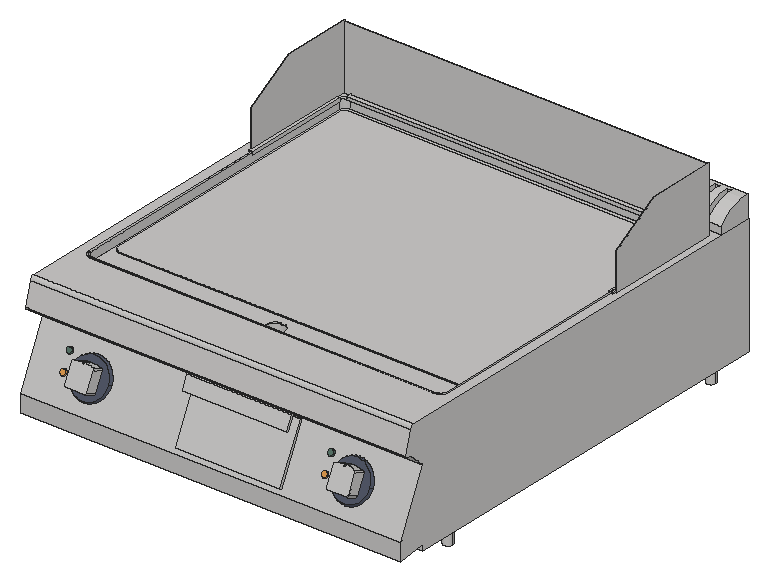
Revit family "QF_ZANUSSI_392356_Z9IILDAOMCA", category Specialty Equipment, Revit 2018
Family settings
  Round Connector Dimension = Use Diameter
  Part Type = Normal
  Work Plane-Based = No
  Always vertical = Yes
  Cut with Voids When Loaded = No
  Shared = No
  Room Calculation Point = No
Parameters
  Width = 800 mm  # constant formula
  Weight in Pounds = 105  # constant formula
  Weight = 0.00 kg
  Watts = 15000 W  # constant formula
  Volts = 400 V  # constant formula
  URL Manufacturer = "http://www.zanussiprofessional.com"
  URL Cutsheet = "www.electrolux.com"
  URL = "http://www.zanussiprofessional.com"
  Type Mark [instance] = ""
  Steam Supply Size = 0"
  Steam Supply Minimum Pressure = 0.00 psi
  Steam Supply Maximum Pressure = 0.00 psi
  Steam Pounds per Hour = 0
  Status [instance] = ""
  Specification by User [instance] = ""
  Specification by Manufacturer = ""
  Show Logo [instance] = yes
  Show Clearance [instance] = yes
  Serial Number = ""
  Seismic Rating = ""
  SMACNA No = ""
  Revision Code [instance] = ""
  Refrigeration Suction Line Size = 0"
  Refrigeration Liquid Line Size = 0"
  Refrigerant Compressor Remote = yes
  Phase = 3
  Omniclass Number and Title = ""
  Number of Poles [instance] = 1
  NAFEM Spec ID Number = ""
  Model = "Z9FTEHHS00"
  Min Ckt Ampacity = 0 A
  Max Overcurrent Protection = 0 A
  Masterspec = ""
  Manufacturer = "Zanussi"
  Length Actual = 800 mm  # constant formula
  Item Number [instance] = "392069"
  Installed By [instance] = ""
  Identify Quantity as Lot [instance] = yes
  Hot Water Size = 0"
  Height Actual = 250 mm  # constant formula
  HP = "10.1 HP"
  Gas Size = 0"
  Gas KW = 0
  Gas Input = 0.0 Btu/h
  Furnished By [instance] = ""
  Foodservice Equipment Identifier [instance] = yes
  FL Amps = if(Phase = 3, Watts / (Volts * 1.73), Watts / Volts)  # 21.6763 A
  Electrical Remarks [instance] = "400 V/3N ph/50/60 Hz"  # constant formula
  Electric Connection Type [instance] = ""
  Elec Conn RI Height [instance] = 0 mm
  Elec Conn Connection Height [instance] = 0 mm
  Direct Waste Size = 0"
  Description = "EL.FRYTOP SMOOTH HORIZONTAL PLATE 800 MM"
  Depth Actual = 900 mm  # constant formula
  Depth = 915 mm  # constant formula
  Cycle [instance] = if([60 Hertz Option], 60 Hz, 50 Hz)  # 60 Hz
  Conn Plug = ""
  Conn Conduit = yes
  Condensate Return Size = 0"
  Compressed Air Volume = 0 GPM
  Compressed Air Size = 0"
  Compressed Air Pressure = 0.00 psi
  Cold Water Size = 0"
  CSI MasterFormat = ""
  CSI Master Format = ""
  Apparent Power = if(Phase = 3, Volts * FL Amps * 1.73, Volts * FL Amps)  # 15000 VA
  Accessory = yes
  60 Hertz Option [instance] = not([50 Hertz Option])  # yes
  50 Hertz Option [instance] = no
Reference planes
  plane 1 "BACK": y = 0
  plane 2: z = 0
  plane 3 "LEFT": x = 0
  plane 4 "RIGHT": x = 800
  plane 5 "FRONT": y = -915
  plane 6 "TOP": z = 274
  plane 7 "Center Y": x = 400
  plane 8 "Center X": y = -457.5
  plane 9: y = -1045
  plane 10: z = 24
  plane 11: z = 290
  plane 12: z = 410
  plane 13: x = 11
  plane 14: x = 789
Forms (mm)
  Extrusion 1, solid, material "QF_Finishes_Stainless Steel"
    sketch origin (0, 0, 0) x (0, 1, 0) y (0, 0, 1)
      loop
        line (0, 24) -> (0, 274) -> (-879.358, 274)
        arc (-879.358, 274) -> (-884.643, 271.811) -> (-886.833, 266.526) r 7.474
        line (-886.833, 266.526) -> (-899.884, 221.011)
        arc (-899.884, 221.011) -> (-899.396, 218.379) -> (-897, 217.184) r 3
        line (-897, 217.184) -> (-886.802, 217.184) -> (-854.982, 185.364) -> (-915, 64.508) -> (-915, 29.508) -> (-858.645, 37.428)
        arc (-858.645, 37.428) -> (-856.101, 36.674) -> (-855, 34.259) r 3.2
        line (-855, 34.259) -> (-855, 24) -> (0, 24)
    from 0 to 800
  Extrusion 2, solid, material "QF_Finishes_Stainless Steel"
    sketch origin (0, -1, 0) x (1, 0, 0) y (0, 1, 0)
      loop
        circle (11, -82) r 9.525
      loop
        circle (11, -775) r 9.525
      loop
        circle (789, -82) r 9.525
      loop
        circle (789, -775) r 9.525
    from 0 to 24
  Extrusion 3, solid, material "QF_Finishes_Stainless Steel"
    sketch origin (635, 190.152, 274) x (0, -1, 0) y (1, 0, 0)
      loop
        line (273.542, 147.97) -> (273.542, -617.97) -> (275.13, -617.97) -> (275.13, 147.97) -> (273.542, 147.97)
    from 0 to 135
  Extrusion 4, void
    sketch origin (0, 0, 274) x (0, -1, 0) y (1, 0, 0)
      loop
        arc (92.539, 37.03) -> (96.932, 26.423) -> (107.539, 22.03) r 15
        line (107.539, 22.03) -> (762.539, 22.03)
        arc (762.539, 22.03) -> (773.145, 26.423) -> (777.539, 37.03) r 15
        line (777.539, 37.03) -> (777.539, 762.97)
        arc (777.539, 762.97) -> (773.145, 773.577) -> (762.539, 777.97) r 15
        line (762.539, 777.97) -> (107.539, 777.97)
        arc (107.539, 777.97) -> (96.932, 773.577) -> (92.539, 762.97) r 15
        line (92.539, 762.97) -> (92.539, 37.03)
    from 0 to -21.588
  Sweep 5, solid, material "QF_Finishes_Stainless Steel"
    path origin (0, 0, 0) x (1, 0, 0) y (0, 1, 0)
      loop
        line (22.03, -107.539) -> (22.03, -762.539)
        arc (22.03, -762.539) -> (26.423, -773.145) -> (37.03, -777.539) r 15
        line (37.03, -777.539) -> (762.97, -777.539)
        arc (762.97, -777.539) -> (773.577, -773.145) -> (777.97, -762.539) r 15
        line (777.97, -762.539) -> (777.97, -107.539)
        arc (777.97, -107.539) -> (773.577, -96.932) -> (762.97, -92.539) r 15
        line (762.97, -92.539) -> (37.03, -92.539)
        arc (37.03, -92.539) -> (26.423, -96.932) -> (22.03, -107.539) r 15
    profile origin (22.03, -435.039, 0) x (1, 0, 0) y (0, 0, 1)
      loop
        line (0, 255) -> (1.588, 255) -> (1.588, 272.855)
        arc (1.588, 272.855) -> (1.147, 274.189) -> (0, 275) r 2.242
        line (0, 275) -> (0, 255)
  Extrusion 6, solid, material "QF_Finishes_Stainless Steel"
    sketch origin (0, 0, 0) x (1, 0, 0) y (0, 0, 1)
      loop
        line (17.03, 274.856) -> (23.926, 274.856) -> (23.926, 269.856) -> (25.514, 269.856) -> (25.514, 276.444) -> (17.03, 276.444) -> (17.03, 274.856)
      loop
        line (782.97, 274.856) -> (782.97, 276.444) -> (774.486, 276.444) -> (774.486, 269.856) -> (776.074, 269.856) -> (776.074, 274.856) -> (782.97, 274.856)
    from 105.541 to 335.39
  Extrusion 7, solid, material "QF_Finishes_Stainless Steel"
    sketch origin (0, 0, 0) x (0, 1, 0) y (0, 0, 1)
      loop
        line (-94.126, 269.856) -> (-94.126, 274.856) -> (-84.978, 274.856) -> (-84.978, 276.444) -> (-95.714, 276.444) -> (-95.714, 269.856) -> (-94.126, 269.856)
    from 32.03 to 767.97
  Extrusion 8, solid, material "QF_Finishes_Stainless Steel"
    sketch origin (0, 0, 24) x (-1, 0, 0) y (0, 1, 0)
      loop
        circle (-740, -584) r 6.35
    from 0 to 5
  Extrusion 9, solid, material "QF_Clearances", visible <- "Show Clearance", detail levels coarse
    sketch origin (0, 0, 0) x (1, 0, 0) y (0, 1, 0)
      loop
        line (0, 0) -> (800, 0) -> (800, -915) -> (900, -915) -> (900, 100) -> (-100, 100) -> (-100, -915) -> (0, -915) -> (0, 0)
    from 0 to 410
  Extrusion 10, solid, material "QF_Finishes_Stainless Steel"
    sketch origin (0, 0, 0) x (0, 1, 0) y (0, 0, 1)
      loop
        line (-777.539, 254) -> (-777.539, 252.413) -> (-92.539, 252.413) -> (-92.539, 254) -> (-777.539, 254)
    from 22.03 to 777.97
  Extrusion 11, void
    sketch origin (328.121, 0, 0) x (1, 0, 0) y (0, 1, 0)
      loop
        circle (71.879, -743.736) r 20
    from 235.859 to 256.719
  Extrusion 12, solid, material "QF_Finishes_Stainless Steel"
    sketch origin (0, 0, 0) x (0, 1, 0) y (0, 0, 1)
      loop
        line (-83.39, 410) -> (-227.89, 410) -> (-327.89, 352.265) -> (-327.89, 274) -> (-83.39, 274) -> (-83.39, 410)
    from 15.442 to 17.03
  Extrusion 13, solid, material "QF_Finishes_Stainless Steel"
    sketch origin (23.617, -107.539, 255) x (-1, 0, 0) y (0, 1, 0)
      loop
        arc (-18.413, -600) -> (-11.341, -597.071) -> (-8.413, -590) r 10
        line (-8.413, -590) -> (-8.413, -7.867)
        arc (-8.413, -7.867) -> (-11.341, -0.796) -> (-18.412, 2.133) r 10
        line (-18.412, 2.133) -> (-734.353, 2.133)
        arc (-734.353, 2.133) -> (-741.425, -0.796) -> (-744.353, -7.867) r 10
        line (-744.353, -7.867) -> (-744.353, -590)
        arc (-744.353, -590) -> (-741.425, -597.071) -> (-734.353, -600) r 10
        line (-734.353, -600) -> (-18.413, -600)
    from 0 to -2
  Extrusion 14, solid, material "QF_Finishes_Stainless Steel"
    sketch origin (800, 0, 0) x (0, 1, 0) y (0, 0, -1)
      loop
        line (-83.39, -410) -> (-83.39, -274) -> (-327.89, -274) -> (-327.89, -352.265) -> (-227.89, -410) -> (-83.39, -410)
    from 15.442 to 17.03
  Extrusion 15, solid, material "QF_Finishes_Stainless Steel"
    sketch origin (0, 0, -10.038) x (0, 1, 0) y (0, 0, 1)
      loop
        line (0, 284.038) -> (0, 331.354)
        arc (0, 331.354) -> (-38.768, 324.268) -> (-69.85, 300.038) r 82.671
        line (-69.85, 300.038) -> (-69.85, 284.038) -> (0, 284.038)
    from 0 to 400
  Extrusion 16, void
    sketch origin (0, 0, 264.6) x (0, -1, 0) y (1, 0, 0)
      loop
        line (6.761, 29.703) -> (63.911, 29.703) -> (63.911, 38.999) -> (6.761, 38.999) -> (6.761, 29.703)
      loop
        line (63.911, 64.487) -> (6.761, 64.487) -> (6.761, 55.191) -> (63.911, 55.191) -> (63.911, 64.487)
      loop
        line (63.911, 89.975) -> (6.761, 89.975) -> (6.761, 80.68) -> (63.911, 80.68) -> (63.911, 89.975)
      loop
        line (63.911, 115.464) -> (6.761, 115.464) -> (6.761, 106.168) -> (63.911, 106.168) -> (63.911, 115.464)
      loop
        line (63.911, 140.952) -> (6.761, 140.952) -> (6.761, 131.656) -> (63.911, 131.656) -> (63.911, 140.952)
      loop
        line (63.911, 166.44) -> (6.761, 166.44) -> (6.761, 157.145) -> (63.911, 157.145) -> (63.911, 166.44)
      loop
        line (63.911, 191.929) -> (6.761, 191.929) -> (6.761, 182.633) -> (63.911, 182.633) -> (63.911, 191.929)
      loop
        line (63.911, 217.417) -> (6.761, 217.417) -> (6.761, 208.121) -> (63.911, 208.121) -> (63.911, 217.417)
      loop
        line (63.911, 242.905) -> (6.761, 242.905) -> (6.761, 233.61) -> (63.911, 233.61) -> (63.911, 242.905)
      loop
        line (63.911, 268.394) -> (6.761, 268.394) -> (6.761, 259.098) -> (63.911, 259.098) -> (63.911, 268.394)
      loop
        line (63.911, 293.882) -> (6.761, 293.882) -> (6.761, 284.586) -> (63.911, 284.586) -> (63.911, 293.882)
      loop
        line (63.911, 319.37) -> (6.761, 319.37) -> (6.761, 310.075) -> (63.911, 310.075) -> (63.911, 319.37)
      loop
        line (63.911, 344.859) -> (6.761, 344.859) -> (6.761, 335.563) -> (63.911, 335.563) -> (63.911, 344.859)
      loop
        line (63.911, 370.347) -> (6.761, 370.347) -> (6.761, 361.051) -> (63.911, 361.051) -> (63.911, 370.347)
    from 25.4 to 63.5
  Extrusion 17, solid, material "QF_Finishes_Stainless Steel"
    sketch origin (800, 0, -10.038) x (0, 1, 0) y (0, 0, -1)
      loop
        line (0, -284.038) -> (-69.85, -284.038) -> (-69.85, -300.038)
        arc (-69.85, -300.038) -> (-38.626, -323.809) -> (0, -330.737) r 83.705
        line (0, -330.737) -> (0, -284.038)
    from 0 to 400
  Extrusion 18, void
    sketch origin (800, 0, 264.6) x (0, -1, 0) y (1, 0, 0)
      loop
        line (6.761, -29.703) -> (6.761, -38.999) -> (63.911, -38.999) -> (63.911, -29.703) -> (6.761, -29.703)
      loop
        line (63.911, -64.487) -> (63.911, -55.191) -> (6.761, -55.191) -> (6.761, -64.487) -> (63.911, -64.487)
      loop
        line (63.911, -89.975) -> (63.911, -80.68) -> (6.761, -80.68) -> (6.761, -89.975) -> (63.911, -89.975)
      loop
        line (63.911, -115.464) -> (63.911, -106.168) -> (6.761, -106.168) -> (6.761, -115.464) -> (63.911, -115.464)
      loop
        line (63.911, -140.952) -> (63.911, -131.656) -> (6.761, -131.656) -> (6.761, -140.952) -> (63.911, -140.952)
      loop
        line (63.911, -166.44) -> (63.911, -157.145) -> (6.761, -157.145) -> (6.761, -166.44) -> (63.911, -166.44)
      loop
        line (63.911, -191.929) -> (63.911, -182.633) -> (6.761, -182.633) -> (6.761, -191.929) -> (63.911, -191.929)
      loop
        line (63.911, -217.417) -> (63.911, -208.121) -> (6.761, -208.121) -> (6.761, -217.417) -> (63.911, -217.417)
      loop
        line (63.911, -242.905) -> (63.911, -233.61) -> (6.761, -233.61) -> (6.761, -242.905) -> (63.911, -242.905)
      loop
        line (63.911, -268.394) -> (63.911, -259.098) -> (6.761, -259.098) -> (6.761, -268.394) -> (63.911, -268.394)
      loop
        line (63.911, -293.882) -> (63.911, -284.586) -> (6.761, -284.586) -> (6.761, -293.882) -> (63.911, -293.882)
      loop
        line (63.911, -319.37) -> (63.911, -310.075) -> (6.761, -310.075) -> (6.761, -319.37) -> (63.911, -319.37)
      loop
        line (63.911, -344.859) -> (63.911, -335.563) -> (6.761, -335.563) -> (6.761, -344.859) -> (63.911, -344.859)
      loop
        line (63.911, -370.347) -> (63.911, -361.051) -> (6.761, -361.051) -> (6.761, -370.347) -> (63.911, -370.347)
    from 25.4 to 63.5
  Extrusion 19, solid, material "QF_Finishes_Stainless Steel"
    sketch origin (335, -214.132, -0.464) x (0, 1, 0) y (0, 0, 1)
      loop
        line (-640.85, 185.828) -> (-659.988, 204.966)
        arc (-659.988, 204.966) -> (-664.455, 206.368) -> (-668.159, 203.504) r 5.058
        line (-668.159, 203.504) -> (-680.821, 175.994) -> (-677.937, 174.666) -> (-665.275, 202.176)
        arc (-665.275, 202.176) -> (-663.896, 203.243) -> (-662.233, 202.721) r 1.883
        line (-662.233, 202.721) -> (-644.727, 185.215) -> (-698.248, 77.444) -> (-695.339, 76.105) -> (-640.85, 185.828)
    from -10 to 210
  Extrusion 20, solid, material "QF_Finishes_Drawer Clearance", visible <- "Show Clearance", detail levels coarse
    sketch origin (335, -315.732, -0.464) x (0, 1, 0) y (0, 0, 1)
      loop
        line (-726.181, 76.105) -> (-593.739, 76.105) -> (-539.25, 185.828) -> (-558.388, 204.966)
        arc (-558.388, 204.966) -> (-560.449, 206.215) -> (-562.855, 206.368) r 5.058
        line (-562.855, 206.368) -> (-695.296, 206.368)
        arc (-695.296, 206.368) -> (-697.5, 205.39) -> (-699, 203.504) r 5.058
        line (-699, 203.504) -> (-711.662, 175.994) -> (-708.778, 174.666) -> (-696.116, 202.176)
        arc (-696.116, 202.176) -> (-694.737, 203.243) -> (-693.074, 202.721) r 1.883
        line (-693.074, 202.721) -> (-675.569, 185.215) -> (-729.089, 77.444) -> (-726.181, 76.105)
    from -10 to 210
  Blend 21, solid, material "QF_Finishes_Navy Blue"
    base sketch origin (125, -884.991, 124.936) x (1, 0, 0) y (0, 0.444781, 0.895639)
      loop
        circle (0, 0) r 42.5
    top sketch origin (125, -884.991, 124.936) x (1, 0, 0) y (0, 0.444781, 0.895639)
      loop
        circle (0, 0) r 40.5
    from 0 to 5
  Extrusion 22, solid, material "QF_Finishes_Stainless Steel"
    sketch origin (125, -884.991, 124.936) x (1, 0, 0) y (0, 0.444781, 0.895639)
      loop
        arc (-21.147, 22.789) -> (-22.494, 21.685) -> (-23, 20.019) r 2.997
        line (-23, 20.019) -> (-23, -20.019)
        arc (-23, -20.019) -> (-22.122, -22.138) -> (-20.003, -23.016) r 2.997
        line (-20.003, -23.016) -> (20.003, -23.016)
        arc (20.003, -23.016) -> (22.122, -22.138) -> (23, -20.019) r 2.997
        line (23, -20.019) -> (23, 20.019)
        arc (23, 20.019) -> (22.494, 21.685) -> (21.147, 22.789) r 2.997
        arc (21.147, 22.789) -> (0, 26.984) -> (-21.147, 22.789) r 55.4
    from 10 to 34
  Extrusion 23, solid, material "QF_Finishes_Stainless Steel"
    sketch origin (125, -884.991, 124.936) x (1, 0, 0) y (0, 0.444781, 0.895639)
      loop
        line (17.5, 17.5) -> (-17.5, 17.5) -> (-17.5, -17.5) -> (17.5, -17.5) -> (17.5, 17.5)
    from 5 to 10
  Extrusion 24, solid, material "QF_Plastic-Black-Matte"
    sketch origin (67.5, -884.991, 124.936) x (0, 0.444781, 0.895639) y (0, 0.895639, -0.444781)
      loop
        line (26.984, -34) -> (23.984, -34) -> (23.984, -35) -> (26.984, -35)
        arc (26.984, -35) -> (27.691, -34.707) -> (27.984, -34) r 1
        line (27.984, -34) -> (27.984, -19) -> (26.984, -19) -> (26.984, -34)
    from -58.5 to -56.5
  Extrusion 25, solid, material "QF_Finishes_DarkGreen"
    sketch origin (125, -871.138, 152.831) x (1, 0, 0) y (0, 0.444781, 0.895639)
      loop
        circle (-55.001, 0) r 6
    from 0 to 1.6
  Extrusion 26, solid, material "QF_Finishes_Orange"
    sketch origin (125, -888.072, 118.733) x (1, 0, 0) y (0, 0.444781, 0.895639)
      loop
        circle (-55.001, 0) r 6
    from 0 to 1.6
  Blend 27, solid, material "QF_Finishes_Navy Blue"
    base sketch origin (675, -884.991, 124.936) x (1, 0, 0) y (0, 0.444781, 0.895639)
      loop
        circle (0, 0) r 42.5
    top sketch origin (675, -884.991, 124.936) x (1, 0, 0) y (0, 0.444781, 0.895639)
      loop
        circle (0, 0) r 40.5
    from 0 to 5
  Extrusion 28, solid, material "QF_Finishes_Stainless Steel"
    sketch origin (675, -884.991, 124.936) x (1, 0, 0) y (0, 0.444781, 0.895639)
      loop
        arc (-21.147, 22.789) -> (-22.494, 21.685) -> (-23, 20.019) r 2.997
        line (-23, 20.019) -> (-23, -20.019)
        arc (-23, -20.019) -> (-22.122, -22.138) -> (-20.003, -23.016) r 2.997
        line (-20.003, -23.016) -> (20.003, -23.016)
        arc (20.003, -23.016) -> (22.122, -22.138) -> (23, -20.019) r 2.997
        line (23, -20.019) -> (23, 20.019)
        arc (23, 20.019) -> (22.494, 21.685) -> (21.147, 22.789) r 2.997
        arc (21.147, 22.789) -> (0, 26.984) -> (-21.147, 22.789) r 55.4
    from 10 to 34
  Extrusion 29, solid, material "QF_Finishes_Stainless Steel"
    sketch origin (675, -884.991, 124.936) x (1, 0, 0) y (0, 0.444781, 0.895639)
      loop
        line (17.5, 17.5) -> (-17.5, 17.5) -> (-17.5, -17.5) -> (17.5, -17.5) -> (17.5, 17.5)
    from 5 to 10
  Extrusion 30, solid, material "QF_Plastic-Black-Matte"
    sketch origin (617.5, -884.991, 124.936) x (0, 0.444781, 0.895639) y (0, 0.895639, -0.444781)
      loop
        line (26.984, -34) -> (23.984, -34) -> (23.984, -35) -> (26.984, -35)
        arc (26.984, -35) -> (27.691, -34.707) -> (27.984, -34) r 1
        line (27.984, -34) -> (27.984, -19) -> (26.984, -19) -> (26.984, -34)
    from -58.5 to -56.5
  Extrusion 31, solid, material "QF_Finishes_DarkGreen"
    sketch origin (675, -871.138, 152.831) x (1, 0, 0) y (0, 0.444781, 0.895639)
      loop
        circle (-55.001, 0) r 6
    from 0 to 1.6
  Extrusion 32, solid, material "QF_Finishes_Orange"
    sketch origin (675, -888.072, 118.733) x (1, 0, 0) y (0, 0.444781, 0.895639)
      loop
        circle (-55.001, 0) r 6
    from 0 to 1.6
Cuts and joins
  Extrusion 4, Extrusion 11 cuts Extrusion 1
  Extrusion 11 cuts Extrusion 10
  joined: Extrusion 3, Extrusion 12, Extrusion 14
  Extrusion 16, Extrusion 18 cuts Extrusion 15
  Extrusion 18 cuts Extrusion 17
Lines and regions (mm)
  Split face 1
    outline origin (125, -889.469, 127.16) x (1, 0, 0) y (0, 0.444781, 0.895639)
      loop
        circle (-34, 0) r 1.5
  Split face 2
    outline origin (125, -889.469, 127.16) x (1, 0, 0) y (0, 0.444781, 0.895639)
      loop
        circle (-30.633, -14.752) r 1.5
  Split face 3
    outline origin (125, -889.469, 127.16) x (1, 0, 0) y (0, 0.444781, 0.895639)
      loop
        circle (-21.199, -26.582) r 1.5
  Split face 4
    outline origin (125, -889.469, 127.16) x (1, 0, 0) y (0, 0.444781, 0.895639)
      loop
        circle (-7.566, -33.148) r 1.5
  Split face 5
    outline origin (125, -889.469, 127.16) x (1, 0, 0) y (0, 0.444781, 0.895639)
      loop
        circle (7.566, -33.148) r 1.5
  Split face 6
    outline origin (125, -889.469, 127.16) x (1, 0, 0) y (0, 0.444781, 0.895639)
      loop
        circle (21.199, -26.582) r 1.5
  Split face 7
    outline origin (125, -889.469, 127.16) x (1, 0, 0) y (0, 0.444781, 0.895639)
      loop
        circle (30.633, -14.752) r 1.5
  Split face 8
    outline origin (125, -889.469, 127.16) x (1, 0, 0) y (0, 0.444781, 0.895639)
      loop
        circle (34, 0) r 1.5
  Split face 9
    outline origin (146.665, -886.175, 133.794) x (1, 0, 0) y (0, 0.444781, 0.895639)
      loop
        circle (-21.665, 26.582) r 1.5
  Split face 10
    outline origin (675, -889.469, 127.16) x (1, 0, 0) y (0, 0.444781, 0.895639)
      loop
        circle (-34, 0) r 1.5
  Split face 11
    outline origin (675, -889.469, 127.16) x (1, 0, 0) y (0, 0.444781, 0.895639)
      loop
        circle (-30.633, -14.752) r 1.5
  Split face 12
    outline origin (675, -889.469, 127.16) x (1, 0, 0) y (0, 0.444781, 0.895639)
      loop
        circle (-21.199, -26.582) r 1.5
  Split face 13
    outline origin (675, -889.469, 127.16) x (1, 0, 0) y (0, 0.444781, 0.895639)
      loop
        circle (-7.566, -33.148) r 1.5
  Split face 14
    outline origin (675, -889.469, 127.16) x (1, 0, 0) y (0, 0.444781, 0.895639)
      loop
        circle (7.566, -33.148) r 1.5
  Split face 15
    outline origin (675, -889.469, 127.16) x (1, 0, 0) y (0, 0.444781, 0.895639)
      loop
        circle (21.199, -26.582) r 1.5
  Split face 16
    outline origin (675, -889.469, 127.16) x (1, 0, 0) y (0, 0.444781, 0.895639)
      loop
        circle (30.633, -14.752) r 1.5
  Split face 17
    outline origin (675, -889.469, 127.16) x (1, 0, 0) y (0, 0.444781, 0.895639)
      loop
        circle (34, 0) r 1.5
  Split face 18
    outline origin (696.665, -886.175, 133.794) x (1, 0, 0) y (0, 0.444781, 0.895639)
      loop
        circle (-21.665, 26.582) r 1.5
  symbolic lines, style "QF_Clearances", visible <- "Show Clearance", detail levels coarse
    curve 1: line (900, -915, 0) -> (900, 100, 0)
    curve 2: line (900, 100, 0) -> (-100, 100, 0)
    curve 3: line (-100, 100, 0) -> (-100, -915, 0)
  symbolic lines, style "QF_Door-Drawer Clearances"
    curve 4: line (325, -915, 0) -> (325, -1045, 0)
    curve 5: line (325, -1045, 0) -> (545, -1045, 0)
    curve 6: line (545, -915, 0) -> (545, -1045, 0)
  symbolic lines
    curve 7: line (800, -915, 0) -> (800, 0, 0)
    curve 8: line (800, 0, 0) -> (0, 0, 0)
    curve 9: line (0, 0, 0) -> (0, -915, 0)
    curve 10: line (762.97, -777.539, 0) -> (37.03, -777.539, 0)
    curve 11: arc (37.03, -777.539, 0) -> (26.423, -773.145, 0) -> (22.03, -762.539, 0) r 15
    curve 12: line (22.03, -762.539, 0) -> (22.03, -327.89, 0)
    curve 13: arc (22.163, -105.541, 0) -> (25.387, -98.081, 0) -> (32.03, -93.397, 0) r 15
    curve 14: arc (767.97, -93.397, 0) -> (774.613, -98.081, 0) -> (777.837, -105.541, 0) r 15
    curve 15: line (777.97, -327.89, 0) -> (777.97, -762.539, 0)
    curve 16: arc (777.97, -762.539, 0) -> (773.577, -773.145, 0) -> (762.97, -777.539, 0) r 15
    curve 17: line (757.97, -707.539, 0) -> (42.03, -707.539, 0)
    curve 18: arc (42.03, -707.539, 0) -> (34.958, -704.61, 0) -> (32.03, -697.539, 0) r 10
    curve 19: line (32.03, -697.539, 0) -> (32.03, -115.406, 0)
    curve 20: arc (32.03, -115.406, 0) -> (34.958, -108.335, 0) -> (42.03, -105.406, 0) r 10
    curve 21: line (42.03, -105.406, 0) -> (757.97, -105.406, 0)
    curve 22: arc (757.97, -105.406, 0) -> (765.042, -108.335, 0) -> (767.97, -115.406, 0) r 10
    curve 23: line (767.97, -115.406, 0) -> (767.97, -697.539, 0)
    curve 24: arc (767.97, -697.539, 0) -> (765.042, -704.61, 0) -> (757.97, -707.539, 0) r 10
    curve 25: line (15.442, -83.39, 0) -> (15.442, -327.89, 0)
    curve 26: line (784.558, -83.39, 0) -> (15.442, -83.39, 0)
    curve 27: line (784.558, -327.89, 0) -> (784.558, -83.39, 0)
    curve 28: line (767.97, -95.714, 0) -> (767.97, -83.39, 0)
    curve 29: line (32.03, -95.714, 0) -> (767.97, -95.714, 0)
    curve 30: line (32.03, -83.39, 0) -> (32.03, -95.714, 0)
    curve 31: line (784.558, -105.541, 0) -> (774.486, -105.541, 0)
    curve 32: line (25.514, -327.89, 0) -> (25.514, -105.541, 0)
    curve 33: line (15.442, -327.89, 0) -> (25.514, -327.89, 0)
    curve 34: line (774.486, -105.541, 0) -> (774.486, -327.89, 0)
    curve 35: line (774.486, -327.89, 0) -> (784.558, -327.89, 0)
    curve 36: line (25.514, -105.541, 0) -> (15.442, -105.541, 0)
    curve 37: line (38.999, -6.761, 0) -> (38.999, -63.911, 0)
    curve 38: line (38.999, -63.911, 0) -> (29.703, -63.911, 0)
    curve 39: line (29.703, -63.911, 0) -> (29.703, -6.761, 0)
    curve 40: line (29.703, -6.761, 0) -> (38.999, -6.761, 0)
    curve 41: line (55.191, -63.911, 0) -> (55.191, -6.761, 0)
    curve 42: line (55.191, -6.761, 0) -> (64.487, -6.761, 0)
    curve 43: line (64.487, -6.761, 0) -> (64.487, -63.911, 0)
    curve 44: line (64.487, -63.911, 0) -> (55.191, -63.911, 0)
    curve 45: line (89.975, -6.761, 0) -> (89.975, -63.911, 0)
    curve 46: line (89.975, -63.911, 0) -> (80.68, -63.911, 0)
    curve 47: line (80.68, -63.911, 0) -> (80.68, -6.761, 0)
    curve 48: line (80.68, -6.761, 0) -> (89.975, -6.761, 0)
    curve 49: line (115.464, -6.761, 0) -> (115.464, -63.911, 0)
    curve 50: line (115.464, -63.911, 0) -> (106.168, -63.911, 0)
    curve 51: line (106.168, -63.911, 0) -> (106.168, -6.761, 0)
    curve 52: line (106.168, -6.761, 0) -> (115.464, -6.761, 0)
    curve 53: line (140.952, -6.761, 0) -> (140.952, -63.911, 0)
    curve 54: line (140.952, -63.911, 0) -> (131.656, -63.911, 0)
    curve 55: line (131.656, -63.911, 0) -> (131.656, -6.761, 0)
    curve 56: line (131.656, -6.761, 0) -> (140.952, -6.761, 0)
    curve 57: line (166.44, -6.761, 0) -> (166.44, -63.911, 0)
    curve 58: line (166.44, -63.911, 0) -> (157.145, -63.911, 0)
    curve 59: line (157.145, -63.911, 0) -> (157.145, -6.761, 0)
    curve 60: line (157.145, -6.761, 0) -> (166.44, -6.761, 0)
    curve 61: line (191.929, -6.761, 0) -> (191.929, -63.911, 0)
    curve 62: line (191.929, -63.911, 0) -> (182.633, -63.911, 0)
    curve 63: line (182.633, -63.911, 0) -> (182.633, -6.761, 0)
    curve 64: line (182.633, -6.761, 0) -> (191.929, -6.761, 0)
    curve 65: line (208.121, -63.911, 0) -> (208.121, -6.761, 0)
    curve 66: line (208.121, -6.761, 0) -> (217.417, -6.761, 0)
    curve 67: line (217.417, -6.761, 0) -> (217.417, -63.911, 0)
    curve 68: line (217.417, -63.911, 0) -> (208.121, -63.911, 0)
    curve 69: line (767.97, -83.39, 0) -> (767.97, -95.714, 0)
    curve 70: line (361.001, -6.761, 0) -> (361.001, -63.911, 0)
    curve 71: line (361.001, -63.911, 0) -> (370.297, -63.911, 0)
    curve 72: line (370.297, -63.911, 0) -> (370.297, -6.761, 0)
    curve 73: line (370.297, -6.761, 0) -> (361.001, -6.761, 0)
    curve 74: line (344.809, -63.911, 0) -> (344.809, -6.761, 0)
    curve 75: line (344.809, -6.761, 0) -> (335.513, -6.761, 0)
    curve 76: line (335.513, -6.761, 0) -> (335.513, -63.911, 0)
    curve 77: line (335.513, -63.911, 0) -> (344.809, -63.911, 0)
    curve 78: line (310.025, -6.761, 0) -> (310.025, -63.911, 0)
    curve 79: line (310.025, -63.911, 0) -> (319.32, -63.911, 0)
    curve 80: line (319.32, -63.911, 0) -> (319.32, -6.761, 0)
    curve 81: line (319.32, -6.761, 0) -> (310.025, -6.761, 0)
    curve 82: line (284.536, -6.761, 0) -> (284.536, -63.911, 0)
    curve 83: line (284.536, -63.911, 0) -> (293.832, -63.911, 0)
    curve 84: line (293.832, -63.911, 0) -> (293.832, -6.761, 0)
    curve 85: line (293.832, -6.761, 0) -> (284.536, -6.761, 0)
    curve 86: line (259.048, -6.761, 0) -> (259.048, -63.911, 0)
    curve 87: line (259.048, -63.911, 0) -> (268.344, -63.911, 0)
    curve 88: line (268.344, -63.911, 0) -> (268.344, -6.761, 0)
    curve 89: line (268.344, -6.761, 0) -> (259.048, -6.761, 0)
    curve 90: line (233.56, -6.761, 0) -> (233.56, -63.911, 0)
    curve 91: line (233.56, -63.911, 0) -> (242.855, -63.911, 0)
    curve 92: line (242.855, -63.911, 0) -> (242.855, -6.761, 0)
    curve 93: line (242.855, -6.761, 0) -> (233.56, -6.761, 0)
    curve 94: arc (380, -743.736, 0) -> (400, -723.736, 0) -> (420, -743.736, 0) r 20
    curve 95: arc (380, -743.736, 0) -> (400, -763.736, 0) -> (420, -743.736, 0) r 20
    curve 96: arc (777.837, -105.541, 0) -> (774.613, -98.081, 0) -> (767.97, -93.397, 0) r 15
    curve 97: arc (767.97, -115.406, 0) -> (765.042, -108.335, 0) -> (757.97, -105.406, 0) r 10
    curve 98: line (767.97, -83.39, 0) -> (767.97, -95.714, 0)
    curve 99: line (761.001, -6.761, 0) -> (761.001, -63.911, 0)
    curve 100: line (761.001, -63.911, 0) -> (770.297, -63.911, 0)
    curve 101: line (770.297, -63.911, 0) -> (770.297, -6.761, 0)
    curve 102: line (770.297, -6.761, 0) -> (761.001, -6.761, 0)
    curve 103: line (744.809, -63.911, 0) -> (744.809, -6.761, 0)
    curve 104: line (744.809, -6.761, 0) -> (735.513, -6.761, 0)
    curve 105: line (735.513, -6.761, 0) -> (735.513, -63.911, 0)
    curve 106: line (735.513, -63.911, 0) -> (744.809, -63.911, 0)
    curve 107: line (710.025, -6.761, 0) -> (710.025, -63.911, 0)
    curve 108: line (710.025, -63.911, 0) -> (719.32, -63.911, 0)
    curve 109: line (719.32, -63.911, 0) -> (719.32, -6.761, 0)
    curve 110: line (719.32, -6.761, 0) -> (710.025, -6.761, 0)
    curve 111: line (684.536, -6.761, 0) -> (684.536, -63.911, 0)
    curve 112: line (684.536, -63.911, 0) -> (693.832, -63.911, 0)
    curve 113: line (693.832, -63.911, 0) -> (693.832, -6.761, 0)
    curve 114: line (693.832, -6.761, 0) -> (684.536, -6.761, 0)
    curve 115: line (659.048, -6.761, 0) -> (659.048, -63.911, 0)
    curve 116: line (659.048, -63.911, 0) -> (668.344, -63.911, 0)
    curve 117: line (668.344, -63.911, 0) -> (668.344, -6.761, 0)
    curve 118: line (668.344, -6.761, 0) -> (659.048, -6.761, 0)
    curve 119: line (633.56, -6.761, 0) -> (633.56, -63.911, 0)
    curve 120: line (633.56, -63.911, 0) -> (642.855, -63.911, 0)
    curve 121: line (642.855, -63.911, 0) -> (642.855, -6.761, 0)
    curve 122: line (642.855, -6.761, 0) -> (633.56, -6.761, 0)
    curve 123: line (608.071, -6.761, 0) -> (608.071, -63.911, 0)
    curve 124: line (608.071, -63.911, 0) -> (617.367, -63.911, 0)
    curve 125: line (617.367, -63.911, 0) -> (617.367, -6.761, 0)
    curve 126: line (617.367, -6.761, 0) -> (608.071, -6.761, 0)
    curve 127: line (591.879, -63.911, 0) -> (591.879, -6.761, 0)
    curve 128: line (591.879, -6.761, 0) -> (582.583, -6.761, 0)
    curve 129: line (582.583, -6.761, 0) -> (582.583, -63.911, 0)
    curve 130: line (582.583, -63.911, 0) -> (591.879, -63.911, 0)
    curve 131: line (438.999, -6.761, 0) -> (438.999, -63.911, 0)
    curve 132: line (438.999, -63.911, 0) -> (429.703, -63.911, 0)
    curve 133: line (429.703, -63.911, 0) -> (429.703, -6.761, 0)
    curve 134: line (429.703, -6.761, 0) -> (438.999, -6.761, 0)
    curve 135: line (455.191, -63.911, 0) -> (455.191, -6.761, 0)
    curve 136: line (455.191, -6.761, 0) -> (464.487, -6.761, 0)
    curve 137: line (464.487, -6.761, 0) -> (464.487, -63.911, 0)
    curve 138: line (464.487, -63.911, 0) -> (455.191, -63.911, 0)
    curve 139: line (489.975, -6.761, 0) -> (489.975, -63.911, 0)
    curve 140: line (489.975, -63.911, 0) -> (480.68, -63.911, 0)
    curve 141: line (480.68, -63.911, 0) -> (480.68, -6.761, 0)
    curve 142: line (480.68, -6.761, 0) -> (489.975, -6.761, 0)
    curve 143: line (515.464, -6.761, 0) -> (515.464, -63.911, 0)
    curve 144: line (515.464, -63.911, 0) -> (506.168, -63.911, 0)
    curve 145: line (506.168, -63.911, 0) -> (506.168, -6.761, 0)
    curve 146: line (506.168, -6.761, 0) -> (515.464, -6.761, 0)
    curve 147: line (540.952, -6.761, 0) -> (540.952, -63.911, 0)
    curve 148: line (540.952, -63.911, 0) -> (531.656, -63.911, 0)
    curve 149: line (531.656, -63.911, 0) -> (531.656, -6.761, 0)
    curve 150: line (531.656, -6.761, 0) -> (540.952, -6.761, 0)
    curve 151: line (566.44, -6.761, 0) -> (566.44, -63.911, 0)
    curve 152: line (566.44, -63.911, 0) -> (557.145, -63.911, 0)
    curve 153: line (557.145, -63.911, 0) -> (557.145, -6.761, 0)
    curve 154: line (557.145, -6.761, 0) -> (566.44, -6.761, 0)
    curve 155: line (0, -69.85, 0) -> (800, -69.85, 0)
    curve 156: line (400, -69.85, 0) -> (400, 0, 0)
    curve 157: line (0, -900, 0) -> (800, -900, 0)
    curve 158: line (102, -900, 0) -> (102, -924.347, 0)
    curve 159: arc (102, -924.347, 0) -> (102.146, -924.811, 0) -> (102.532, -925.107, 0) r 0.809
    curve 160: arc (102.532, -925.107, 0) -> (103.72, -925.587, 0) -> (104.997, -925.68, 0) r 4.127
    curve 161: arc (102, -904.292, 0) -> (96.959, -902.458, 0) -> (92.191, -900, 0) r 42.24
    curve 162: arc (102, -906.539, 0) -> (102.502, -905.818, 0) -> (103.299, -905.448, 0) r 1.682
    curve 163: arc (103.299, -905.448, 0) -> (113.602, -903.95, 0) -> (124, -903.441, 0) r 109.079
    curve 164: line (124, -900, 0) -> (124, -905.671, 0)
    curve 165: line (124, -905.671, 0) -> (126, -905.671, 0)
    curve 166: line (126, -905.671, 0) -> (126, -900, 0)
    curve 167: line (148, -900, 0) -> (148, -924.347, 0)
    curve 168: arc (148, -924.347, 0) -> (147.854, -924.811, 0) -> (147.468, -925.107, 0) r 0.809
    curve 169: arc (147.468, -925.107, 0) -> (146.28, -925.587, 0) -> (145.003, -925.68, 0) r 4.127
    curve 170: arc (148, -904.292, 0) -> (153.041, -902.458, 0) -> (157.809, -900, 0) r 42.24
    curve 171: arc (148, -906.539, 0) -> (147.498, -905.818, 0) -> (146.701, -905.448, 0) r 1.682
    curve 172: arc (146.701, -905.448, 0) -> (136.398, -903.95, 0) -> (126, -903.441, 0) r 109.079
    curve 173: line (104.997, -925.68, 0) -> (145.003, -925.68, 0)
    curve 174: line (698, -900, 0) -> (698, -924.347, 0)
    curve 175: arc (698, -924.347, 0) -> (697.854, -924.811, 0) -> (697.468, -925.107, 0) r 0.809
    curve 176: arc (697.468, -925.107, 0) -> (696.28, -925.587, 0) -> (695.003, -925.68, 0) r 4.127
    curve 177: arc (698, -904.292, 0) -> (703.041, -902.458, 0) -> (707.809, -900, 0) r 42.24
    curve 178: arc (698, -906.539, 0) -> (697.498, -905.818, 0) -> (696.701, -905.448, 0) r 1.682
    curve 179: arc (696.701, -905.448, 0) -> (686.398, -903.95, 0) -> (676, -903.441, 0) r 109.079
    curve 180: line (676, -900, 0) -> (676, -905.671, 0)
    curve 181: line (676, -905.671, 0) -> (674, -905.671, 0)
    curve 182: line (674, -905.671, 0) -> (674, -900, 0)
    curve 183: line (652, -900, 0) -> (652, -924.347, 0)
    curve 184: arc (652, -924.347, 0) -> (652.146, -924.811, 0) -> (652.532, -925.107, 0) r 0.809
    curve 185: arc (652.532, -925.107, 0) -> (653.72, -925.587, 0) -> (654.997, -925.68, 0) r 4.127
    curve 186: arc (652, -904.292, 0) -> (646.959, -902.458, 0) -> (642.191, -900, 0) r 42.24
    curve 187: arc (652, -906.539, 0) -> (652.502, -905.818, 0) -> (653.299, -905.448, 0) r 1.682
    curve 188: arc (653.299, -905.448, 0) -> (663.602, -903.95, 0) -> (674, -903.441, 0) r 109.079
    curve 189: line (695.003, -925.68, 0) -> (654.997, -925.68, 0)
    curve 190: line (148, -915, 0) -> (325, -915, 0)
    curve 191: line (698, -915, 0) -> (800, -915, 0)
    curve 192: line (0, -915, 0) -> (102, -915, 0)
    curve 193: line (545, -915, 0) -> (652, -915, 0)
    curve 194: line (545, -915, 0) -> (325, -915, 0)
    curve 195: line (325, -900, 0) -> (325, -915, 0)
    curve 196: line (545, -900, 0) -> (545, -915, 0)
Dimensions and locks
  equal spacing: plane 3 "LEFT", plane 7 "Center Y", plane 4 "RIGHT"
  "Width": plane 3 "LEFT" to plane 4 "RIGHT"
  equal spacing: plane 5 "FRONT", plane 8 "Center X", plane 1 "BACK"
  "Depth": plane 5 "FRONT" to plane 1 "BACK"
  plane 6 "TOP" to level = 274 mm
  plane 1 "BACK" to plane 9 = 1045 mm  (x2)
  plane 10 to level = 24 mm  (x2)
  plane 11 to plane 10 = 266 mm
  plane 6 "TOP" to plane 10 = 250 mm  (x2)
  plane 12 to level = 410 mm  (x2)
  plane 12 to plane 10 = 386 mm
  plane 13 to plane 3 "LEFT" = 11 mm
  locked: plane 14 to plane 4 "RIGHT" at 11
  plane 1 "BACK" to plane 5 "FRONT" = 915 mm
  Extrusion 8 to plane 10 = 5 mm
  plane 1 "BACK" to Extrusion 8 = 584 mm
  plane 1 "BACK" to Extrusion 2 to Extrusion 2 to plane 5 "FRONT" = 83 mm, 693 mm, 139 mm
  plane 13 to plane 14 = 778 mm
  Extrusion 8 sketch curve to plane 4 "RIGHT" = 60 mm
  Extrusion 8 sketch curve to plane 1 "BACK" = 584 mm
  aligned and locked: level to plane 2
  aligned and locked: Extrusion 1 to plane 4 "RIGHT"
Automatic sketch dimensions
  Extrusion 1 sketch curve to plane 5 "FRONT" = 0 mm
  Extrusion 1 sketch curve to plane 6 "TOP" = 0 mm
  Extrusion 1 sketch curve to plane 10 = 0 mm
  Extrusion 1 sketch curve to plane 1 "BACK" = 0 mm
  Extrusion 1 sketch curve to plane 5 "FRONT" = 15.116 mm
  Extrusion 1 sketch curve to Extrusion 1 sketch curve = 2.884 mm
  Extrusion 1 sketch curve to plane 6 "TOP" = 7.474 mm
  Extrusion 1 sketch curve to plane 5 "FRONT" = 28.167 mm
  Extrusion 1 sketch curve to Extrusion 1 sketch curve = 10.198 mm
  plane 10 to Extrusion 1 sketch curve = 13.428 mm
  Extrusion 1 sketch curve to plane 5 "FRONT" = 56.355 mm
  Extrusion 1 sketch curve to Extrusion 1 sketch curve = 0.445 mm
  Extrusion 1 sketch curve to Extrusion 1 sketch curve = 3.2 mm
  Extrusion 1 sketch curve to Extrusion 1 sketch curve = 31.82 mm  (x2)
  plane 10 to Extrusion 1 sketch curve = 5.508 mm
  Extrusion 1 sketch curve to Extrusion 1 sketch curve = 35 mm
  Extrusion 1 sketch curve to Extrusion 1 sketch curve = 81.162 mm
  Extrusion 1 sketch curve to Extrusion 1 sketch curve = 3 mm
  Extrusion 2 sketch curve to plane 13 = 0 mm  (x2)
  Extrusion 2 sketch curve to plane 14 = 0 mm  (x2)
  Extrusion 2 sketch curve to plane 5 "FRONT" = 139 mm  (x2)
  plane 1 "BACK" to Extrusion 2 sketch curve = 83 mm  (x2)
  plane 13 to Extrusion 3 sketch curve = 6.03 mm
  plane 1 "BACK" to Extrusion 3 sketch curve = 83.39 mm
  Extrusion 3 sketch curve to Extrusion 3 sketch curve = 1.588 mm
  plane 14 to Extrusion 3 sketch curve = 6.03 mm
  plane 13 to Extrusion 4 sketch curve = 26.03 mm
  plane 1 "BACK" to Extrusion 4 sketch curve = 92.539 mm
  plane 14 to Extrusion 4 sketch curve = 11.03 mm
  Extrusion 4 sketch curve to Extrusion 4 sketch curve = 15 mm  (x3)
  Extrusion 4 sketch curve to plane 5 "FRONT" = 152.461 mm  (x2)
  plane 13 to Sweep 5 sketch curve = 11.03 mm
  Sweep 5 sketch curve to Sweep 5 sketch curve = 15 mm  (x2)
  plane 14 to Sweep 5 sketch curve = 26.03 mm  (x2)
  plane 14 to Sweep 5 sketch curve = 11.03 mm
  Sweep 5 sketch curve to plane 5 "FRONT" = 137.461 mm
  plane 1 "BACK" to Sweep 5 sketch curve = 107.539 mm
  profile plane to Sweep 5 sketch curve = 0 mm
  profile plane to Sweep 5 sketch curve = 0.655 mm
  Sweep 5 sketch curve to profile plane = 1.588 mm
  level to Sweep 5 sketch curve = 255 mm
  Sweep 5 sketch curve to Sweep 5 sketch curve = 17.855 mm
  plane 6 "TOP" to Extrusion 6 sketch curve = 0.856 mm  (x2)
  plane 13 to Extrusion 6 sketch curve = 6.03 mm
  Extrusion 6 sketch curve to plane 6 "TOP" = 4.144 mm  (x2)
  Extrusion 6 sketch curve to Extrusion 6 sketch curve = 6.896 mm
  Extrusion 6 sketch curve to Extrusion 6 sketch curve = 1.588 mm  (x3)
  plane 14 to Extrusion 6 sketch curve = 14.514 mm
  plane 6 "TOP" to Extrusion 6 sketch curve = 2.444 mm
  plane 14 to Extrusion 6 sketch curve = 6.03 mm
  plane 6 "TOP" to Extrusion 7 sketch curve = 2.444 mm
  plane 1 "BACK" to Extrusion 7 sketch curve = 95.714 mm
  Extrusion 7 sketch curve to Extrusion 7 sketch curve = 1.588 mm
  Extrusion 7 sketch curve to Extrusion 7 sketch curve = 9.149 mm
  plane 6 "TOP" to Extrusion 7 sketch curve = 0.856 mm
  Extrusion 7 sketch curve to plane 6 "TOP" = 4.144 mm
  plane 5 "FRONT" to Extrusion 9 sketch curve = 0 mm  (x2)
  Extrusion 9 sketch curve to plane 3 "LEFT" = 0 mm
  Extrusion 9 sketch curve to plane 4 "RIGHT" = 0 mm
  plane 1 "BACK" to Extrusion 9 sketch curve = 0 mm
  Extrusion 9 sketch curve to plane 3 "LEFT" = 100 mm
  Extrusion 9 sketch curve to plane 4 "RIGHT" = 100 mm
  Extrusion 9 sketch curve to plane 1 "BACK" = 100 mm
  Extrusion 10 sketch curve to plane 6 "TOP" = 21.587 mm
  Extrusion 10 sketch curve to plane 5 "FRONT" = 137.461 mm
  plane 1 "BACK" to Extrusion 10 sketch curve = 92.539 mm
  Extrusion 10 sketch curve to Extrusion 10 sketch curve = 1.587 mm
  Extrusion 11 sketch curve to plane 7 "Center Y" = 0 mm
  Extrusion 11 sketch curve to plane 5 "FRONT" = 171.264 mm
  Extrusion 12 sketch curve to plane 6 "TOP" = 0 mm
  Extrusion 12 sketch curve to plane 12 = 0 mm
  Extrusion 12 sketch curve to plane 12 = 57.735 mm
  plane 8 "Center X" to Extrusion 12 sketch curve = 129.61 mm
  Extrusion 12 sketch curve to Extrusion 12 sketch curve = 100 mm
  plane 1 "BACK" to Extrusion 12 sketch curve = 83.39 mm
  Sweep 5 to Extrusion 13 sketch curve = 8.412 mm
  Extrusion 13 sketch curve to Extrusion 13 sketch curve = 10 mm  (x2)
  Sweep 5 to Extrusion 13 sketch curve = 18.412 mm
  Sweep 5 to Extrusion 13 sketch curve = 18.413 mm
  Sweep 5 to Extrusion 13 sketch curve = 8.413 mm
  Sweep 5 to Extrusion 13 sketch curve = 11.28 mm
  Sweep 5 to Extrusion 13 sketch curve = 78.413 mm
  Extrusion 14 sketch curve to plane 6 "TOP" = 0 mm
  Extrusion 14 sketch curve to plane 12 = 0 mm
  Extrusion 14 sketch curve to plane 12 = 57.735 mm
  plane 8 "Center X" to Extrusion 14 sketch curve = 129.61 mm
  Extrusion 14 sketch curve to Extrusion 14 sketch curve = 100 mm
  plane 1 "BACK" to Extrusion 14 sketch curve = 83.39 mm
  Extrusion 15 sketch curve to plane 6 "TOP" = 0 mm
  Extrusion 15 sketch curve to plane 11 = 0 mm
  Extrusion 15 sketch curve to plane 1 "BACK" = 0 mm
  plane 1 "BACK" to Extrusion 15 sketch curve = 4.947 mm
  plane 1 "BACK" to Extrusion 15 sketch curve = 69.85 mm
  Extrusion 15 sketch curve to plane 6 "TOP" = 35.207 mm
  plane 1 "BACK" to Extrusion 16 sketch curve = 6.761 mm  (x14)
  Extrusion 16 sketch curve to Extrusion 16 sketch curve = 57.15 mm
  Extrusion 16 sketch curve to Extrusion 16 sketch curve = 0 mm  (x13)
  plane 13 to Extrusion 16 sketch curve = 18.703 mm
  Extrusion 16 sketch curve to Extrusion 16 sketch curve = 9.296 mm  (x14)
  Extrusion 16 sketch curve to Extrusion 16 sketch curve = 16.193 mm  (x13)
  Extrusion 17 sketch curve to plane 6 "TOP" = 0 mm
  Extrusion 17 sketch curve to plane 11 = 0 mm
  Extrusion 17 sketch curve to plane 1 "BACK" = 0 mm
  plane 1 "BACK" to Extrusion 17 sketch curve = 4.947 mm
  plane 1 "BACK" to Extrusion 17 sketch curve = 69.85 mm
  plane 6 "TOP" to Extrusion 17 sketch curve = 46.7 mm
  plane 1 "BACK" to Extrusion 18 sketch curve = 6.761 mm  (x14)
  Extrusion 18 sketch curve to Extrusion 18 sketch curve = 57.15 mm
  Extrusion 18 sketch curve to Extrusion 18 sketch curve = 0 mm  (x13)
  plane 7 "Center Y" to Extrusion 18 sketch curve = 29.653 mm
  Extrusion 18 sketch curve to Extrusion 18 sketch curve = 9.296 mm  (x14)
  Extrusion 18 sketch curve to Extrusion 18 sketch curve = 16.193 mm  (x13)
  Extrusion 19 sketch curve to Extrusion 19 sketch curve = 0 mm  (x2)
  Extrusion 19 sketch curve to plane 5 "FRONT" = 2.621 mm
  Extrusion 19 sketch curve to Extrusion 19 sketch curve = 2.908 mm
  Extrusion 19 sketch curve to plane 5 "FRONT" = 20.047 mm
  Extrusion 19 sketch curve to Extrusion 19 sketch curve = 2.884 mm  (x2)
  Extrusion 19 sketch curve to Extrusion 19 sketch curve = 12.662 mm
  Extrusion 19 sketch curve to Extrusion 19 sketch curve = 1.711 mm
  Extrusion 19 sketch curve to Extrusion 19 sketch curve = 1.332 mm
  Extrusion 19 sketch curve to Extrusion 19 sketch curve = 2.245 mm
  Extrusion 19 sketch curve to Extrusion 19 sketch curve = 17.505 mm
  Extrusion 19 sketch curve to Extrusion 19 sketch curve = 3.877 mm
  plane 10 to Extrusion 19 sketch curve = 51.641 mm
  Extrusion 19 sketch curve to Extrusion 19 sketch curve = 1.339 mm
  Extrusion 19 sketch curve to Extrusion 19 sketch curve = 97.223 mm
  Extrusion 19 sketch curve to Extrusion 19 sketch curve = 1.327 mm
  Extrusion 19 sketch curve to Extrusion 19 sketch curve = 16.961 mm
  Extrusion 19 sketch curve to Extrusion 19 sketch curve = 0.613 mm
  Extrusion 19 sketch curve to Extrusion 19 sketch curve = 0.787 mm
  Extrusion 20 sketch curve to Extrusion 20 sketch curve = 0 mm  (x2)
  plane 9 to Extrusion 20 sketch curve = 0.179 mm
  plane 9 to Extrusion 20 sketch curve = 3.087 mm
  plane 9 to Extrusion 20 sketch curve = 17.606 mm
  Extrusion 20 sketch curve to Extrusion 20 sketch curve = 2.884 mm  (x2)
  plane 9 to Extrusion 20 sketch curve = 30.268 mm
  Extrusion 20 sketch curve to Extrusion 20 sketch curve = 0.82 mm
  Extrusion 20 sketch curve to Extrusion 20 sketch curve = 1.711 mm
  Extrusion 20 sketch curve to Extrusion 20 sketch curve = 1.332 mm
  Extrusion 20 sketch curve to Extrusion 20 sketch curve = 17.505 mm
  Extrusion 20 sketch curve to plane 5 "FRONT" = 5.529 mm
  Extrusion 20 sketch curve to plane 5 "FRONT" = 36.413 mm
  Extrusion 20 sketch curve to Extrusion 20 sketch curve = 0.891 mm
  Extrusion 20 sketch curve to Extrusion 20 sketch curve = 4.467 mm
  Extrusion 20 sketch curve to Extrusion 20 sketch curve = 19.137 mm
  plane 10 to Extrusion 20 sketch curve = 51.641 mm
  Extrusion 20 sketch curve to Extrusion 20 sketch curve = 1.339 mm
  Extrusion 20 sketch curve to Extrusion 20 sketch curve = 97.223 mm
  Extrusion 20 sketch curve to Extrusion 20 sketch curve = 1.327 mm
  Extrusion 20 sketch curve to Extrusion 20 sketch curve = 16.961 mm
  Extrusion 20 sketch curve to plane 6 "TOP" = 88.636 mm
  Extrusion 20 sketch curve to Extrusion 20 sketch curve = 0.787 mm
  Extrusion 20 sketch curve to Extrusion 20 sketch curve = 4.979 mm
  plane 13 to Blend 21 sketch curve = 114 mm  (x2)
  plane 13 to Extrusion 22 sketch curve = 91 mm
  Extrusion 22 sketch curve to Extrusion 22 sketch curve = 2.997 mm  (x3)
  Extrusion 22 sketch curve to Extrusion 22 sketch curve = 20.003 mm  (x2)
  Extrusion 22 sketch curve to Extrusion 22 sketch curve = 40.005 mm
  Extrusion 22 sketch curve to Extrusion 22 sketch curve = 5.399 mm
  Extrusion 22 sketch curve to Extrusion 22 sketch curve = 40.037 mm
  Extrusion 22 sketch curve to Extrusion 22 sketch curve = 0 mm  (x2)
  plane 13 to Extrusion 23 sketch curve = 96.5 mm
  Extrusion 23 sketch curve to Extrusion 23 sketch curve = 35 mm  (x2)
  Extrusion 24 sketch curve to plane 5 "FRONT" = 9.329 mm
  Extrusion 24 sketch curve to plane 6 "TOP" = 112.016 mm
  Extrusion 24 sketch curve to Extrusion 24 sketch curve = 3 mm
  Extrusion 24 sketch curve to Extrusion 24 sketch curve = 0 mm
  Extrusion 24 sketch curve to Extrusion 24 sketch curve = 1 mm  (x2)
  Extrusion 24 sketch curve to Extrusion 24 sketch curve = 15 mm
  plane 13 to Extrusion 25 sketch curve = 58.999 mm
  plane 13 to Extrusion 26 sketch curve = 58.999 mm
  plane 14 to Blend 27 sketch curve = 114 mm  (x2)
  plane 14 to Extrusion 28 sketch curve = 137 mm
  Extrusion 28 sketch curve to Extrusion 28 sketch curve = 2.997 mm  (x3)
  Extrusion 28 sketch curve to Extrusion 28 sketch curve = 20.003 mm  (x2)
  Extrusion 28 sketch curve to Extrusion 28 sketch curve = 40.005 mm
  Extrusion 28 sketch curve to Extrusion 28 sketch curve = 5.399 mm
  Extrusion 28 sketch curve to Extrusion 28 sketch curve = 40.037 mm
  Extrusion 28 sketch curve to Extrusion 28 sketch curve = 0 mm  (x2)
  plane 14 to Extrusion 29 sketch curve = 131.5 mm
  Extrusion 29 sketch curve to Extrusion 29 sketch curve = 35 mm  (x2)
  Extrusion 30 sketch curve to plane 5 "FRONT" = 9.329 mm
  Extrusion 30 sketch curve to plane 6 "TOP" = 112.016 mm
  Extrusion 30 sketch curve to Extrusion 30 sketch curve = 3 mm
  Extrusion 30 sketch curve to Extrusion 30 sketch curve = 0 mm
  Extrusion 30 sketch curve to Extrusion 30 sketch curve = 1 mm  (x2)
  Extrusion 30 sketch curve to Extrusion 30 sketch curve = 15 mm
  plane 14 to Extrusion 31 sketch curve = 169.001 mm
  plane 14 to Extrusion 32 sketch curve = 169.001 mm
  curve 14 to curve 96 = 0 mm  (x2)
  plane 5 "FRONT" to curve 3 = 0 mm
  plane 1 "BACK" to curve 9 = 0 mm
  curve 9 to plane 3 "LEFT" = 0 mm
  plane 5 "FRONT" to curve 192 = 0 mm
  plane 5 "FRONT" to curve 190 = 0 mm
  curve 5 to plane 9 = 0 mm
  curve 156 to plane 7 "Center Y" = 0 mm
  curve 94 to plane 7 "Center Y" = 0 mm
  plane 5 "FRONT" to curve 196 = 0 mm
  plane 5 "FRONT" to curve 191 = 0 mm
  curve 155 to plane 4 "RIGHT" = 0 mm
  plane 5 "FRONT" to curve 1 = 0 mm
  curve 2 to plane 3 "LEFT" = 100 mm
  plane 13 to curve 33 = 4.442 mm
  plane 13 to curve 12 = 11.03 mm
  curve 12 to curve 32 = 3.484 mm
  plane 1 "BACK" to curve 39 = 6.761 mm
  plane 13 to curve 39 = 18.703 mm
  curve 32 to curve 29 = 6.516 mm
  plane 13 to curve 19 = 21.03 mm
  curve 11 to curve 10 = 15 mm
  curve 20 to curve 13 = 5 mm
  curve 38 to curve 38 = 9.296 mm
  curve 13 to curve 20 = 5 mm
  curve 18 to curve 18 = 10 mm
  plane 1 "BACK" to curve 42 = 6.761 mm
  curve 37 to curve 42 = 16.193 mm
  curve 41 to curve 43 = 9.296 mm
  curve 43 to curve 47 = 16.193 mm
  curve 47 to curve 48 = 9.296 mm
  plane 5 "FRONT" to curve 158 = 9.347 mm
  plane 13 to curve 158 = 91 mm
  curve 158 to curve 159 = 0.809 mm
  curve 162 to curve 162 = 1.583 mm
  curve 159 to curve 160 = 1.846 mm
  curve 159 to curve 173 = 2.189 mm
  plane 1 "BACK" to curve 51 = 6.761 mm
  curve 45 to curve 51 = 16.193 mm
  curve 158 to curve 161 = 11.892 mm
  curve 50 to curve 50 = 9.296 mm
  curve 164 to plane 5 "FRONT" = 9.329 mm
  curve 162 to curve 164 = 20.417 mm
  curve 173 to curve 163 = 19.134 mm
  curve 163 to curve 172 = 1.738 mm
  curve 164 to curve 165 = 2 mm
  curve 49 to curve 55 = 16.193 mm
  curve 161 to curve 170 = 22.215 mm
  curve 54 to curve 54 = 9.296 mm
  curve 165 to curve 173 = 19.003 mm
  curve 169 to curve 169 = 0.343 mm
  curve 169 to curve 171 = 1.071 mm
  curve 173 to curve 168 = 2.189 mm
  curve 168 to curve 167 = 0.809 mm
  curve 53 to curve 59 = 16.193 mm
  curve 58 to curve 57 = 9.296 mm
  curve 57 to curve 63 = 16.193 mm
  curve 63 to curve 64 = 9.296 mm
  curve 61 to curve 65 = 16.193 mm
  curve 65 to curve 67 = 9.296 mm
  plane 1 "BACK" to curve 93 = 6.761 mm
  curve 66 to curve 93 = 16.143 mm
  curve 90 to curve 92 = 9.296 mm
  plane 1 "BACK" to curve 89 = 6.761 mm
  curve 92 to curve 89 = 16.193 mm
  curve 86 to curve 87 = 9.296 mm
  curve 87 to curve 82 = 16.193 mm
  curve 82 to curve 84 = 9.296 mm
  plane 1 "BACK" to curve 78 = 6.761 mm
  curve 84 to curve 78 = 16.193 mm
  curve 78 to curve 80 = 9.296 mm
  curve 5 to plane 7 "Center Y" = 75 mm
  curve 79 to curve 76 = 16.193 mm
  curve 76 to curve 77 = 9.296 mm
  curve 74 to curve 71 = 16.193 mm
  curve 70 to curve 72 = 9.296 mm
  plane 1 "BACK" to curve 134 = 6.761 mm
  plane 7 "Center Y" to curve 134 = 29.703 mm
  curve 132 to curve 131 = 9.296 mm
  plane 1 "BACK" to curve 136 = 6.761 mm
  curve 131 to curve 136 = 16.193 mm
  curve 135 to curve 137 = 9.296 mm
  plane 1 "BACK" to curve 142 = 6.761 mm
  curve 136 to curve 142 = 16.193 mm
  curve 140 to curve 140 = 9.296 mm
  plane 1 "BACK" to curve 145 = 6.761 mm
  curve 139 to curve 145 = 16.193 mm
  curve 145 to curve 143 = 9.296 mm
  plane 1 "BACK" to curve 150 = 6.761 mm
  curve 143 to curve 150 = 16.193 mm
  curve 148 to curve 148 = 9.296 mm
  plane 7 "Center Y" to curve 193 = 145 mm
  curve 147 to curve 152 = 16.193 mm
  curve 152 to curve 152 = 9.296 mm
  curve 151 to curve 130 = 16.143 mm
  curve 129 to curve 130 = 9.296 mm
  plane 1 "BACK" to curve 126 = 6.761 mm
  curve 127 to curve 126 = 16.193 mm
  curve 123 to curve 126 = 9.296 mm
  plane 1 "BACK" to curve 122 = 6.761 mm
  curve 125 to curve 122 = 16.193 mm
  curve 119 to curve 122 = 9.296 mm
  plane 5 "FRONT" to curve 183 = 9.347 mm
  curve 6 to curve 183 = 107 mm
  curve 183 to curve 184 = 0.809 mm
  curve 187 to curve 187 = 1.583 mm
  curve 184 to curve 185 = 1.846 mm
  curve 184 to curve 189 = 2.189 mm
  plane 1 "BACK" to curve 115 = 6.761 mm
  curve 121 to curve 115 = 16.193 mm
  curve 183 to curve 186 = 11.892 mm
  curve 115 to curve 116 = 9.296 mm
  curve 181 to plane 5 "FRONT" = 9.329 mm
  curve 187 to curve 181 = 20.417 mm
  curve 185 to curve 188 = 19.134 mm
  curve 188 to curve 179 = 1.738 mm
  curve 181 to curve 180 = 2 mm
  plane 1 "BACK" to curve 111 = 6.761 mm
  curve 117 to curve 111 = 16.193 mm
  curve 186 to curve 177 = 22.215 mm
  curve 111 to curve 113 = 9.296 mm
  curve 180 to curve 189 = 19.003 mm
  curve 176 to curve 176 = 0.343 mm
  curve 176 to curve 178 = 1.071 mm
  curve 176 to curve 175 = 2.189 mm
  curve 175 to curve 174 = 0.809 mm
  curve 112 to curve 107 = 16.193 mm
  curve 107 to curve 109 = 9.296 mm
  plane 1 "BACK" to curve 105 = 6.761 mm
  curve 109 to curve 105 = 16.193 mm
  curve 104 to curve 104 = 9.296 mm
  plane 14 to curve 21 = 31.03 mm
  plane 14 to curve 24 = 31.03 mm
  plane 1 "BACK" to curve 102 = 6.761 mm
  curve 103 to curve 102 = 16.193 mm
  curve 22 to curve 96 = 5 mm
  plane 14 to curve 16 = 26.03 mm
  curve 24 to curve 23 = 10 mm
  curve 14 to curve 28 = 5 mm
  curve 99 to curve 101 = 9.296 mm
  curve 14 to curve 31 = 11.516 mm
  plane 14 to curve 15 = 11.03 mm
  plane 14 to curve 27 = 4.442 mm
  curve 1 to plane 4 "RIGHT" = 100 mm
  plane 9 to curve 179 = 32.481 mm
  plane 9 to curve 163 = 32.481 mm
  curve 163 to curve 172 = 0 mm
  curve 188 to curve 179 = 0 mm
  plane 5 "FRONT" to curve 189 = 10.68 mm
  curve 173 to curve 159 = 1.333 mm
  curve 173 to curve 168 = 1.333 mm
  curve 176 to curve 174 = 1.333 mm
  curve 175 to curve 176 = 2.779 mm
  curve 184 to curve 185 = 2.779 mm
  curve 159 to curve 160 = 2.779 mm
  curve 168 to curve 169 = 2.779 mm
  curve 162 to plane 5 "FRONT" = 7.894 mm
  curve 178 to plane 5 "FRONT" = 7.894 mm
  curve 187 to plane 5 "FRONT" = 7.894 mm
  curve 171 to plane 5 "FRONT" = 7.894 mm
  curve 181 to curve 186 = 41.91 mm
  curve 161 to curve 170 = 0 mm
  curve 186 to curve 177 = 0 mm
  curve 177 to curve 10 = 86.222 mm
  curve 95 to plane 5 "FRONT" = 171.264 mm
  curve 16 to curve 17 = 55 mm
  plane 8 "Center X" to curve 35 = 129.61 mm
  plane 8 "Center X" to curve 33 = 129.61 mm
  curve 19 to curve 39 = 108.645 mm
  curve 13 to curve 21 = 2.133 mm
  curve 14 to curve 22 = 2.133 mm
  curve 14 to curve 31 = 1.998 mm
  curve 13 to curve 32 = 1.998 mm
  curve 31 to curve 29 = 9.827 mm
  curve 29 to curve 26 = 12.325 mm
  curve 90 to curve 90 = 57.15 mm
  curve 91 to curve 88 = 0 mm
  curve 87 to curve 84 = 0 mm
  curve 83 to curve 80 = 0 mm
  curve 79 to curve 77 = 0 mm
  curve 74 to curve 72 = 0 mm
  curve 28 to curve 99 = 19.479 mm
  curve 68 to curve 90 = 0 mm
  curve 103 to curve 99 = 0 mm
  curve 63 to curve 65 = 0 mm
  curve 107 to curve 105 = 0 mm
  curve 59 to curve 62 = 0 mm
  curve 111 to curve 107 = 0 mm
  curve 55 to curve 58 = 0 mm
  curve 115 to curve 111 = 0 mm
  curve 51 to curve 54 = 0 mm
  curve 119 to curve 115 = 0 mm
